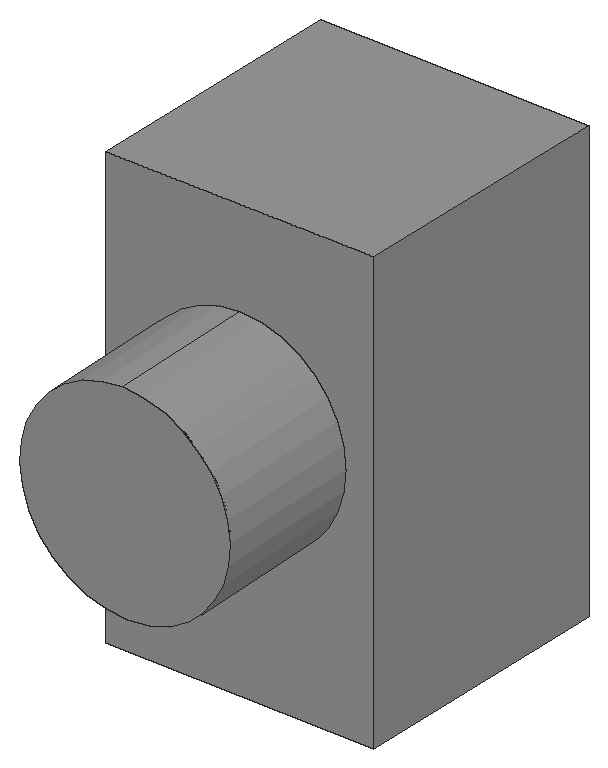
Revit family "RS550.100", category Sanitärinstallationen, Revit 2020
Family settings
  Bemaßung runder Anschluss = Durchmesser verwenden
  Teiletyp = Normal
  Arbeitsebenenbasiert = Nein
  Immer vertikal = Ja
  Beim Laden mit Abzugskörper schneiden = Nein
  Gemeinsam genutzt = Nein
  Raumberechnungspunkt = Nein
Parameters
  Übergangsbride [instance] = yes
  Zapfen RS518 [instance] = yes
  Vorgabe-Ansicht = 0 mm
  URL = "https://www.resitec.ch/"
  RS_s001 = 3 mm
  RS_dimH-mountplate [instance] = 10 mm
  RS_dimH-Rost [instance] = RS_Rost_h1 - 31 mm  # 69 mm
  RS_dim001 = 75 mm
  RS_dim002 = 125 mm
  RS_dim003 = RS_dim001 + 5 mm  # 80 mm
  RS_dia002 = 130 mm
  RS_dia001 = 114.3 mm
  RS_DVol-T = 300 mm
  RS_DVol-L = 300 mm
  RS_DN2 = 0 mm
  RS_DN1d [instance] = 110 mm
  RS_DN1 [instance] = 100 mm
  RS_AVol-T = 140 mm
  RS_AVol-L = 140 mm
  RS_AVol-H = 230 mm
  RS_URL = "https://www.resitec.ch/entwaesserungstechnik/"
  RS_Rost_h1 [instance] = 100 mm
  RS_Rost_Typ [instance] = "RS511.2.145"
  RS_Manufacture = "Resitec"  # constant formula
  RS_Description [instance] = "Bodenablauf aus rostfreiem Stahl 1.4404 (V4A)\r\ngebeizt, Typ RS 220/60 mit Schlitzrost barfuss\r\nbegehbar."
  RS_Articelnumber [instance] = "RD521.60"
  RS_Add_1 [instance] = ""
  RS641 Dichtung [instance] = yes
  Klebeblech mit Epoxidgrundierung = yes
  Hersteller = RS_Manufacture  # "Resitec"
  Description = ""
  Baugruppenkennzeichen = "D2030300"
  Anschlusswert DU L/s = 0
Reference planes
  plane 1 "Mitte (Vorne/hinten)": y = 0
  plane 2: z = 0
  plane 3 "Mitte (Links/rechts)": x = 0
  plane 4: z = 100
  plane 5: z = -230
  plane 6: z = 10
  plane 7: x = 150
  plane 8: y = 150
  plane 9: x = -150
  plane 10: y = -150
  plane 11: y = 70
  plane 12: x = 70
  plane 13: x = -70
  plane 14: y = -70
  plane 15: z = -105
  plane 16: y = -145
  plane 17: through (4267.2, -146.226, -58.176) normal (0, 0.9997, 0.0262)
  plane 18: z = 6
  plane 19: z = 86.968
  plane 20: z = 3
  plane 21: z = 69
Forms (mm)
  Extrusion 1, solid, material "Stahl, unlegiert"
    sketch origin (0, 0, 0) x (1, 0, 0) y (0, 1, 0)
      loop
        line (-70, 70) -> (-70, -70) -> (70, -70) -> (70, 70) -> (-70, 70)
    from -230 to 0
  Extrusion 2, solid, material "Stahl, unlegiert"
    sketch origin (4267.2, -144.961, -106.495) x (0, -0.026177, 0.999657) y (1, 0, 0)
      loop
        circle (-0.6, -4267.2) r 55
    from 0 to 80
Lines and regions (mm)
  reference lines
    curve 1: line (-60, 0, 0) -> (60, 0, 0)
    curve 2: line (0, 60, 0) -> (0, -60, 0)
    curve 3: line (-55.15, 0, 0) -> (55.15, 0, 0)
    curve 4: line (0, 55.15, 0) -> (0, -55.15, 0)
    curve 5: line (-70.5, 0, 0) -> (70.5, 0, 0)
    curve 6: line (0, -70.5, 0) -> (0, 70.5, 0)
Dimensions and locks
  "RS_Rost_h1": plane 4 to level
  "RS_AVol-H": level to plane 5
  "RS_dimH-mountplate": plane 6 to level
  equal spacing: plane 8, plane 1 "Mitte (Vorne/hinten)", plane 10
  equal spacing: plane 9, plane 3 "Mitte (Links/rechts)", plane 7
  "RS_DVol-T": plane 8 to plane 10
  "RS_DVol-L": plane 9 to plane 7
  equal spacing: plane 13, plane 3 "Mitte (Links/rechts)", plane 12
  "RS_AVol-L": plane 13 to plane 12
  equal spacing: plane 11, plane 1 "Mitte (Vorne/hinten)", plane 14
  "RS_AVol-T": plane 11 to plane 14
  plane 1 "Mitte (Vorne/hinten)" to Extrusion 1 = 70 mm
  "RS_dim001": plane 16 to plane 14
  "RS_dim002": plane 15 to plane 5
  "RS_dim003": Extrusion 2 to plane 17
  plane 4 to plane 19 = 13.032 mm
  locked: plane 4 to plane 19 at 13.032
  "RS_s001": plane 20 to level
  "RS_dimH-Rost": plane 21 to level
  "RS_DN1d": diameter of Extrusion 2 sketch curve
  angle plane 16 to plane 17 = 1.50°
  angle plane 17 to plane 10 = 1.50°
  aligned and locked: level to plane 2
  aligned and locked: Extrusion 1 sketch curve to plane 11
  aligned and locked: Extrusion 1 sketch curve to plane 12
  aligned and locked: plane 13 to Extrusion 1 sketch curve
  aligned and locked: plane 14 to Extrusion 1 sketch curve
  aligned and locked: Extrusion 1 to plane 5
  aligned and locked: level to Extrusion 1
  aligned and locked: plane 2 to Extrusion 1
Automatic sketch dimensions
  plane 1 "Mitte (Vorne/hinten)" to curve 5 = 0 mm
  plane 1 "Mitte (Vorne/hinten)" to curve 1 = 0 mm
  plane 1 "Mitte (Vorne/hinten)" to curve 3 = 0 mm
  curve 2 to plane 3 "Mitte (Links/rechts)" = 0 mm
  curve 6 to plane 3 "Mitte (Links/rechts)" = 0 mm
  curve 4 to plane 3 "Mitte (Links/rechts)" = 0 mm
  curve 3 to plane 3 "Mitte (Links/rechts)" = 55.15 mm
  curve 1 to curve 3 = 4.85 mm
  curve 5 to curve 1 = 10.5 mm
  plane 3 "Mitte (Links/rechts)" to curve 3 = 55.15 mm
  curve 3 to curve 1 = 4.85 mm
  curve 1 to curve 5 = 10.5 mm
  plane 1 "Mitte (Vorne/hinten)" to curve 4 = 55.15 mm
  curve 2 to curve 4 = 4.85 mm
  curve 6 to curve 2 = 10.5 mm
  curve 4 to plane 1 "Mitte (Vorne/hinten)" = 55.15 mm
  curve 4 to curve 2 = 4.85 mm
  curve 2 to curve 6 = 10.5 mm
  Extrusion 2 sketch curve to plane 3 "Mitte (Links/rechts)" = 0 mm
Connectors
  piping at (0, -144.945, -107.094), diameter 100, driven by "RS_DN1"
    settings: on Extrusion 2, index 1, connector inside diameter 609.6 mm, connector length 0 mm, flow factor 0, pipe flow 0.0 L/s, pressure drop 0.0 Pa, fitting loss kfactor 0, connector angle 0.00°, fixture units 0, engagement length 0 mm, angle of deflection 0.00°, flow configuration 0, flow direction 2, fitting loss method 0, system type 16, joint type 0, gender type 0, connector reference index -1, connector utility 0, adjustable connector no, is connector primary yes, connector description ""
